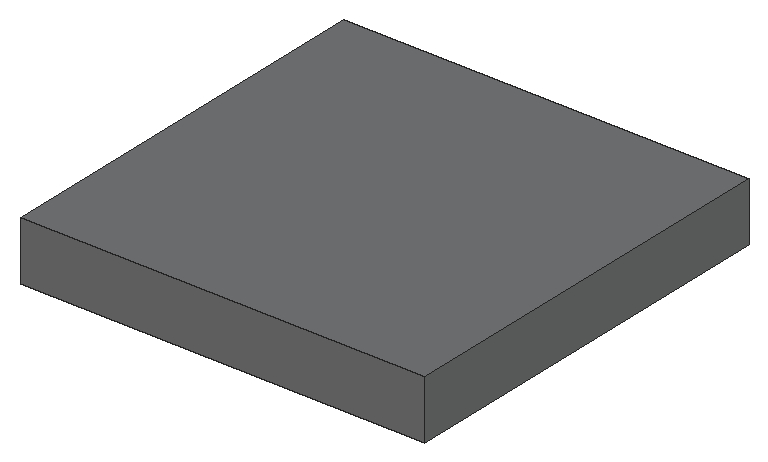
Revit family "Gira_536703", category Electrical Fixtures, host Face, Revit 2017
Family settings
  Host = Face
  Maintain Annotation Orientation = No
  Round Connector Dimension = Use Diameter
  Part Type = Normal
  Cut with Voids When Loaded = No
  Shared = No
  Room Calculation Point = No
Parameters (values of type "S3000 Jal.- + Schaltuhr BT System 55 Reinweiß")
  Werkstoffgüte = "sonstige"
  Werkstoff = "sonstige"
  URL = "http://katalog.gira.de/de_DE/datenblatt.html?artikelnr=536703"
  Transparent = "No"
  Region = "DE"
  RAL-Nummer (ähnlich) = "9010 "
  Oberfläche = "sonstige"
  Name = "S3000 Jal.- + Schaltuhr BT System 55 Reinweiß"
  Mit LED-Anzeige = "No"
  Mit Abdeckung = "Yes"
  Manufacturer URL = "https://www.gira.de/"
  Keynote = "Sys55_Abdeckung_Schalten und Tasten"
  HeinzeBIM = "https://bimportal.heinze.de/bim/s3000-jal-schaltuhr-bt-system-55-reinweiss/5eb9328ca1543521c69230f6d01b82f307e7a2aa"
  Halogenfrei = "Yes"
  HAN = "536703"
  Geeignet für Schalteinsatz = "Yes"
  Geeignet für Jalousieeinsatz = "Yes"
  Geeignet für Dimmeinsatz = "No"
  GTIN = "4010337027522"
  Farbe = "weiß"
  Default Elevation = 1219.2 mm
  Data sheet (1) = "https://katalog.gira.de/de_DE/download.html?artikelnr=536703"
  Category = "Bedienelement intelligent"
  Available = "Yes"
  Ausführung der Oberfläche = "glänzend"
  Anzahl der Tasten = "2 "
  Anzahl der Betätigungspunkte = "4 "
  Anwendung = "Steuern elektrischer Verbraucher"
  Anthrazit [instance] = Anthrazit
Reference planes
  plane 1 "Center (Front/Back)": y = 0
  plane 2: z = 0
  plane 3 "Center (Left/Right)": x = 0
Forms (mm)
  Extrusion 1, solid, material "Anthrazit" <- "Anthrazit", detail levels fine
    sketch origin (0, 0, 0) x (1, 0, 0) y (0, 1, 0)
      loop
        line (-27.5, 27.5) -> (-27.5, -27.5) -> (27.5, -27.5) -> (27.5, 27.5) -> (-27.5, 27.5)
    from 0 to 8
  Extrusion 2, void
    sketch origin (0, 0, 0) x (1, 0, 0) y (0, 1, 0)
      loop
        line (26, 26) -> (-26, 26) -> (-26, -26) -> (26, -26) -> (26, 26)
    from 0 to 6
  Extrusion 3, solid, material "Anthrazit" <- "Anthrazit", detail levels medium
    sketch origin (0, 0, 0) x (1, 0, 0) y (0, 1, 0)
      loop
        line (-27.5, 27.5) -> (-27.5, -27.5) -> (27.5, -27.5) -> (27.5, 27.5) -> (-27.5, 27.5)
    from 0 to 8
  Extrusion 4, solid, material "Anthrazit" <- "Anthrazit", detail levels medium
    sketch origin (0, 0, 0) x (1, 0, 0) y (0, 1, 0)
      loop
        line (11, -17.5) -> (11, 17.5) -> (-11, 17.5) -> (-11, -17.5) -> (11, -17.5)
    from -6 to 6
  Extrusion 5, solid, material "Anthrazit" <- "Anthrazit", detail levels fine
    sketch origin (0, 0, 0) x (1, 0, 0) y (0, 1, 0)
      loop
        line (11, 17.5) -> (-11, 17.5) -> (-11, 16.5) -> (11, 16.5) -> (11, 17.5)
      loop
        line (-11, -16.5) -> (-11, -17.5) -> (11, -17.5) -> (11, -16.5) -> (-11, -16.5)
    from -4 to 6
  Extrusion 6, solid, material "Anthrazit" <- "Anthrazit", detail levels fine
    sketch origin (0, 0, 0) x (1, 0, 0) y (0, 1, 0)
      loop
        arc (5, 9.347) -> (0, 10.6) -> (-5, 9.347) r 10.6
        line (-5, 9.347) -> (-5, -9.347)
        arc (-5, -9.347) -> (0, -10.6) -> (5, -9.347) r 10.6
        line (5, -9.347) -> (5, 9.347)
    from -6 to 6
  Extrusion 7, solid, material "Anthrazit" <- "Anthrazit", detail levels coarse
    sketch origin (0, 0, 0) x (1, 0, 0) y (0, 1, 0)
      loop
        line (-27.5, 27.5) -> (-27.5, -27.5) -> (27.5, -27.5) -> (27.5, 27.5) -> (-27.5, 27.5)
    from -6 to 8
Cuts and joins
  Extrusion 2 cuts Extrusion 1
Dimensions and locks
  aligned and locked: plane 2 to host face
  aligned and locked: level to host face
